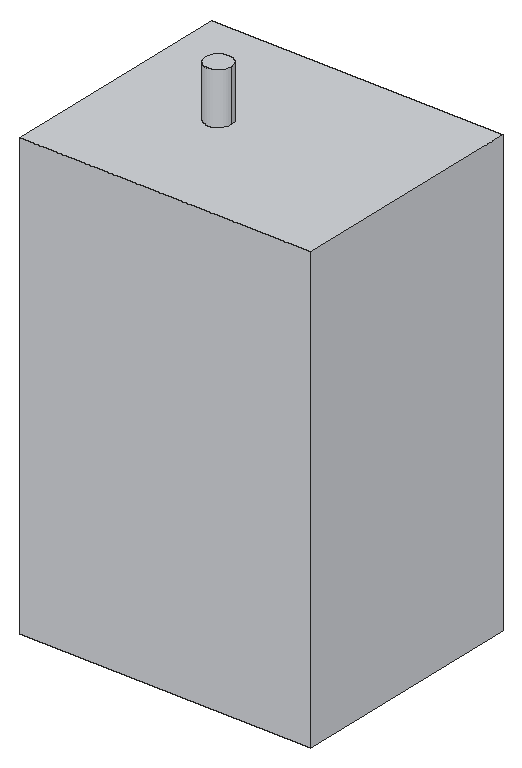
Revit family "27c0cb75c6894edb85f44b8810293d4e", category Mechanical Equipment, Revit 2021
Family settings
  Round Connector Dimension = Use Radius
  Part Type = Normal
  OmniClass Number = 23.75.10.11.14
  OmniClass Title = Hot Water Heat Generators
  Seek Item ID = Boiler-0000-USA-ENU
  Work Plane-Based = No
  Always vertical = Yes
  Cut with Voids When Loaded = No
  Shared = No
  Room Calculation Point = No
Parameters (values of type "Standard")
  Pressure Drop [instance] = 1.70 psi
  Max Flow = 230 GPM
  Default Elevation = 0' - 0"
  Connector = 1 1/2"
  Assembly Code = ""
Reference planes (in)
  plane 1 "Center (Front/Back)": y = 0
  plane 2: z = 0
  plane 3 "Center (Left/Right)": x = 0
  plane 4: y = 14
  plane 5: x = 12
  plane 6: z = 10
Forms (in)
  Extrusion 1, solid
    sketch origin (0, 0, 0) x (1, 0, 0) y (0, 1, 0)
      loop
        line (0, 0) -> (34, 0) -> (34, 28) -> (0, 28) -> (0, 0)
    from 0 to 52
  Extrusion 2, solid
    sketch origin (0, 0, 0) x (1, 0, 0) y (0, 1, 0)
      loop
        circle (12, 14) r 1.5
    from 52 to 58
  Extrusion 3, solid
    sketch origin (0, 0, 0) x (1, 0, 0) y (0, 0, 1)
      loop
        circle (12, 10) r 1.5
    from -29 to -28
Dimensions and locks (in)
  Extrusion 1 sketch curve to Extrusion 1 sketch curve = 2' - 4"
  Extrusion 1 sketch curve to Extrusion 1 sketch curve = 2' - 10"
  equal spacing: plane 1 "Center (Front/Back)", plane 4, Extrusion 1
  plane 6 to level = 0' - 10"
Connectors (in)
  piping at (12, 29, 10), diameter 3, driven by "Connector"
    settings: on Extrusion 3, index 1, connector inside diameter 3", connector length 0' - 0", flow factor 0, pipe flow 0 GPM, pressure drop 0.00 psi, fitting loss kfactor 0, connector angle 0.00°, fixture units 0, engagement length 0' - 0", angle of deflection 0.00°, flow configuration 0, flow direction 1, fitting loss method 0, system type 8, joint type 0, gender type 0, connector reference index 0, connector utility 0, adjustable connector no, is connector primary no, connector description ""
  piping at (12, 14, 58), diameter 3, driven by "Connector"
    settings: on Extrusion 2, index 0, connector inside diameter 3", connector length 0' - 0", flow factor 0, pipe flow 0 GPM, pressure drop 0.00 psi, fitting loss kfactor 0, connector angle 0.00°, fixture units 0, engagement length 0' - 0", angle of deflection 0.00°, flow configuration 0, flow direction 2, fitting loss method 0, system type 7, joint type 0, gender type 0, connector reference index 1, connector utility 0, adjustable connector no, is connector primary yes, connector description ""
